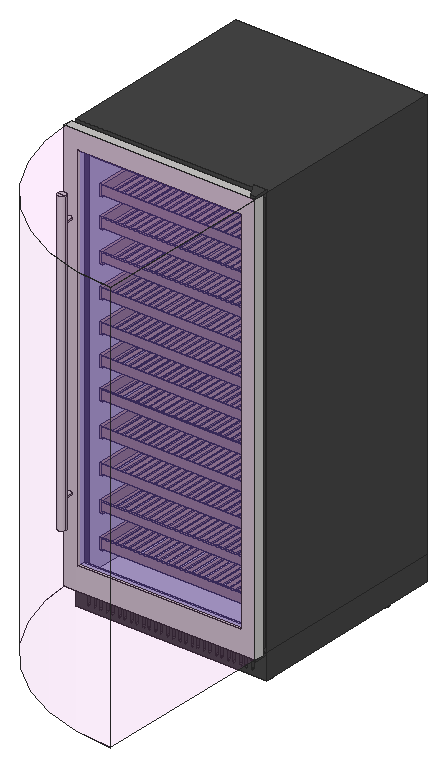
Revit family "QF_Summit_SWC1127B_Bottle_Wine_Cellar_For_Built_In", category Specialty Equipment, Revit 2020 (continued)
Definition of nested family "SWC1127B"
  Automatic sketch dimensions
    Extrusion 57 sketch curve to Extrusion 57 sketch curve = 0.07283"
    Extrusion 59 sketch curve to Extrusion 59 sketch curve = 1/2"
    Extrusion 59 sketch curve to Extrusion 59 sketch curve = 0.07283"
    Extrusion 60 sketch curve to Extrusion 60 sketch curve = 1/2"
    Extrusion 60 sketch curve to Extrusion 60 sketch curve = 0.07283"
    Extrusion 61 sketch curve to Extrusion 61 sketch curve = 1/2"
    Extrusion 61 sketch curve to Extrusion 61 sketch curve = 0.07283"
    Extrusion 62 sketch curve to Extrusion 62 sketch curve = 1/2"
    Extrusion 62 sketch curve to Extrusion 62 sketch curve = 0.07283"
    Extrusion 63 sketch curve to Extrusion 63 sketch curve = 1/2"
    Extrusion 63 sketch curve to Extrusion 63 sketch curve = 0.07283"
    Extrusion 64 sketch curve to Extrusion 64 sketch curve = 1/2"
    Extrusion 64 sketch curve to Extrusion 64 sketch curve = 0.07283"
    Extrusion 65 sketch curve to Extrusion 65 sketch curve = 1/2"
    Extrusion 65 sketch curve to Extrusion 65 sketch curve = 0.07283"
    Extrusion 58 sketch curve to Extrusion 58 sketch curve = 1/2"
    Extrusion 58 sketch curve to Extrusion 58 sketch curve = 0.07283"
    Extrusion 66 sketch curve to Extrusion 66 sketch curve = 1/2"
    Extrusion 66 sketch curve to Extrusion 66 sketch curve = 0.07283"
    Extrusion 67 sketch curve to Extrusion 67 sketch curve = 1/2"
    Extrusion 67 sketch curve to Extrusion 67 sketch curve = 0.07283"
    Extrusion 69 sketch curve to Extrusion 69 sketch curve = 1/2"
    Extrusion 69 sketch curve to Extrusion 69 sketch curve = 0.07283"
    Extrusion 70 sketch curve to Extrusion 70 sketch curve = 1/2"
    Extrusion 70 sketch curve to Extrusion 70 sketch curve = 0.07283"
    Extrusion 71 sketch curve to Extrusion 71 sketch curve = 1/2"
    Extrusion 71 sketch curve to Extrusion 71 sketch curve = 0.07283"
    Extrusion 72 sketch curve to Extrusion 72 sketch curve = 1/2"
    Extrusion 72 sketch curve to Extrusion 72 sketch curve = 0.07283"
    Extrusion 73 sketch curve to Extrusion 73 sketch curve = 1/2"
    Extrusion 73 sketch curve to Extrusion 73 sketch curve = 0.07283"
    Extrusion 74 sketch curve to Extrusion 74 sketch curve = 1/2"
    Extrusion 74 sketch curve to Extrusion 74 sketch curve = 0.07283"
    Extrusion 75 sketch curve to Extrusion 75 sketch curve = 1/2"
    Extrusion 75 sketch curve to Extrusion 75 sketch curve = 0.07283"
    Extrusion 68 sketch curve to Extrusion 68 sketch curve = 1/2"
    Extrusion 68 sketch curve to Extrusion 68 sketch curve = 0.07283"
    Extrusion 76 sketch curve to Extrusion 76 sketch curve = 1/2"
    Extrusion 76 sketch curve to Extrusion 76 sketch curve = 0.07283"
    Extrusion 77 sketch curve to Extrusion 77 sketch curve = 1/2"
    Extrusion 77 sketch curve to Extrusion 77 sketch curve = 0.07283"
    Extrusion 79 sketch curve to Extrusion 79 sketch curve = 1/2"
    Extrusion 79 sketch curve to Extrusion 79 sketch curve = 0.07283"
    Extrusion 80 sketch curve to Extrusion 80 sketch curve = 1/2"
    Extrusion 80 sketch curve to Extrusion 80 sketch curve = 0.07283"
    Extrusion 81 sketch curve to Extrusion 81 sketch curve = 1/2"
    Extrusion 81 sketch curve to Extrusion 81 sketch curve = 0.07283"
    Extrusion 82 sketch curve to Extrusion 82 sketch curve = 1/2"
    Extrusion 82 sketch curve to Extrusion 82 sketch curve = 0.07283"
    Extrusion 83 sketch curve to Extrusion 83 sketch curve = 1/2"
    Extrusion 83 sketch curve to Extrusion 83 sketch curve = 0.07283"
    Extrusion 84 sketch curve to Extrusion 84 sketch curve = 1/2"
    Extrusion 84 sketch curve to Extrusion 84 sketch curve = 0.07283"
    Extrusion 85 sketch curve to Extrusion 85 sketch curve = 1/2"
    Extrusion 85 sketch curve to Extrusion 85 sketch curve = 0.07283"
    Extrusion 78 sketch curve to Extrusion 78 sketch curve = 1/2"
    Extrusion 78 sketch curve to Extrusion 78 sketch curve = 0.07283"
    Extrusion 86 sketch curve to Extrusion 86 sketch curve = 1/2"
    Extrusion 86 sketch curve to Extrusion 86 sketch curve = 0.07283"
    Extrusion 87 sketch curve to Extrusion 87 sketch curve = 1/2"
    Extrusion 87 sketch curve to Extrusion 87 sketch curve = 0.07283"
    Extrusion 89 sketch curve to Extrusion 89 sketch curve = 1/2"
    Extrusion 89 sketch curve to Extrusion 89 sketch curve = 0.07283"
    Extrusion 90 sketch curve to Extrusion 90 sketch curve = 1/2"
    Extrusion 90 sketch curve to Extrusion 90 sketch curve = 0.07283"
    Extrusion 91 sketch curve to Extrusion 91 sketch curve = 1/2"
    Extrusion 91 sketch curve to Extrusion 91 sketch curve = 0.07283"
    Extrusion 92 sketch curve to Extrusion 92 sketch curve = 1/2"
    Extrusion 92 sketch curve to Extrusion 92 sketch curve = 0.07283"
    Extrusion 93 sketch curve to Extrusion 93 sketch curve = 1/2"
    Extrusion 93 sketch curve to Extrusion 93 sketch curve = 0.07283"
    Extrusion 94 sketch curve to Extrusion 94 sketch curve = 1/2"
    Extrusion 94 sketch curve to Extrusion 94 sketch curve = 0.07283"
    Extrusion 95 sketch curve to Extrusion 95 sketch curve = 1/2"
    Extrusion 95 sketch curve to Extrusion 95 sketch curve = 0.07283"
    Extrusion 88 sketch curve to Extrusion 88 sketch curve = 1/2"
    Extrusion 88 sketch curve to Extrusion 88 sketch curve = 0.07283"
    Extrusion 96 sketch curve to Extrusion 96 sketch curve = 1/2"
    Extrusion 96 sketch curve to Extrusion 96 sketch curve = 0.07283"
    Extrusion 97 sketch curve to Extrusion 97 sketch curve = 1/2"
    Extrusion 97 sketch curve to Extrusion 97 sketch curve = 0.07283"
    Extrusion 99 sketch curve to Extrusion 99 sketch curve = 1/2"
    Extrusion 99 sketch curve to Extrusion 99 sketch curve = 0.07283"
    Extrusion 100 sketch curve to Extrusion 100 sketch curve = 1/2"
    Extrusion 100 sketch curve to Extrusion 100 sketch curve = 0.07283"
    Extrusion 101 sketch curve to Extrusion 101 sketch curve = 1/2"
    Extrusion 101 sketch curve to Extrusion 101 sketch curve = 0.07283"
    Extrusion 102 sketch curve to Extrusion 102 sketch curve = 1/2"
    Extrusion 102 sketch curve to Extrusion 102 sketch curve = 0.07283"
    Extrusion 103 sketch curve to Extrusion 103 sketch curve = 1/2"
    Extrusion 103 sketch curve to Extrusion 103 sketch curve = 0.07283"
    Extrusion 104 sketch curve to Extrusion 104 sketch curve = 1/2"
    Extrusion 104 sketch curve to Extrusion 104 sketch curve = 0.07283"
    Extrusion 105 sketch curve to Extrusion 105 sketch curve = 1/2"
    Extrusion 105 sketch curve to Extrusion 105 sketch curve = 0.07283"
    Extrusion 98 sketch curve to Extrusion 98 sketch curve = 1/2"
    Extrusion 98 sketch curve to Extrusion 98 sketch curve = 0.07283"
    Extrusion 106 sketch curve to Extrusion 106 sketch curve = 1/2"
    Extrusion 106 sketch curve to Extrusion 106 sketch curve = 0.07283"
    Extrusion 107 sketch curve to Extrusion 107 sketch curve = 1/2"
    Extrusion 107 sketch curve to Extrusion 107 sketch curve = 0.07283"
    Extrusion 109 sketch curve to Extrusion 109 sketch curve = 1/2"
    Extrusion 109 sketch curve to Extrusion 109 sketch curve = 0.07283"
    Extrusion 110 sketch curve to Extrusion 110 sketch curve = 1/2"
    Extrusion 110 sketch curve to Extrusion 110 sketch curve = 0.07283"
    Extrusion 111 sketch curve to Extrusion 111 sketch curve = 1/2"
    Extrusion 111 sketch curve to Extrusion 111 sketch curve = 0.07283"
    Extrusion 112 sketch curve to Extrusion 112 sketch curve = 1/2"
    Extrusion 112 sketch curve to Extrusion 112 sketch curve = 0.07283"
    Extrusion 113 sketch curve to Extrusion 113 sketch curve = 1/2"
    Extrusion 113 sketch curve to Extrusion 113 sketch curve = 0.07283"
    Extrusion 114 sketch curve to Extrusion 114 sketch curve = 1/2"
    Extrusion 114 sketch curve to Extrusion 114 sketch curve = 0.07283"
    Extrusion 115 sketch curve to Extrusion 115 sketch curve = 1/2"
    Extrusion 115 sketch curve to Extrusion 115 sketch curve = 0.07283"
    Extrusion 108 sketch curve to Extrusion 108 sketch curve = 1/2"
    Extrusion 108 sketch curve to Extrusion 108 sketch curve = 0.07283"
    Extrusion 116 sketch curve to Extrusion 116 sketch curve = 1/2"
    Extrusion 116 sketch curve to Extrusion 116 sketch curve = 0.07283"
    Extrusion 117 sketch curve to Extrusion 117 sketch curve = 1/2"
    Extrusion 117 sketch curve to Extrusion 117 sketch curve = 0.07283"
    Extrusion 119 sketch curve to Extrusion 119 sketch curve = 1/2"
    Extrusion 119 sketch curve to Extrusion 119 sketch curve = 0.07283"
    Extrusion 120 sketch curve to Extrusion 120 sketch curve = 1/2"
    Extrusion 120 sketch curve to Extrusion 120 sketch curve = 0.07283"
    Extrusion 121 sketch curve to Extrusion 121 sketch curve = 1/2"
    Extrusion 121 sketch curve to Extrusion 121 sketch curve = 0.07283"
    Extrusion 122 sketch curve to Extrusion 122 sketch curve = 1/2"
    Extrusion 122 sketch curve to Extrusion 122 sketch curve = 0.07283"
    Extrusion 123 sketch curve to Extrusion 123 sketch curve = 1/2"
    Extrusion 123 sketch curve to Extrusion 123 sketch curve = 0.07283"
    Extrusion 124 sketch curve to Extrusion 124 sketch curve = 1/2"
    Extrusion 124 sketch curve to Extrusion 124 sketch curve = 0.07283"
    Extrusion 125 sketch curve to Extrusion 125 sketch curve = 1/2"
    Extrusion 125 sketch curve to Extrusion 125 sketch curve = 0.07283"
    Extrusion 118 sketch curve to Extrusion 118 sketch curve = 1/2"
    Extrusion 118 sketch curve to Extrusion 118 sketch curve = 0.07283"
    Extrusion 126 sketch curve to Extrusion 126 sketch curve = 1/2"
    Extrusion 126 sketch curve to Extrusion 126 sketch curve = 0.07283"
    Extrusion 127 sketch curve to Extrusion 127 sketch curve = 1/2"
    Extrusion 127 sketch curve to Extrusion 127 sketch curve = 0.07283"
    Extrusion 129 sketch curve to Extrusion 129 sketch curve = 1/2"
    Extrusion 129 sketch curve to Extrusion 129 sketch curve = 0.07283"
    Extrusion 130 sketch curve to Extrusion 130 sketch curve = 1/2"
    Extrusion 130 sketch curve to Extrusion 130 sketch curve = 0.07283"
    Extrusion 131 sketch curve to Extrusion 131 sketch curve = 1/2"
    Extrusion 131 sketch curve to Extrusion 131 sketch curve = 0.07283"
    Extrusion 132 sketch curve to Extrusion 132 sketch curve = 1/2"
    Extrusion 132 sketch curve to Extrusion 132 sketch curve = 0.07283"
    Extrusion 133 sketch curve to Extrusion 133 sketch curve = 1/2"
    Extrusion 133 sketch curve to Extrusion 133 sketch curve = 0.07283"
    Extrusion 134 sketch curve to Extrusion 134 sketch curve = 1/2"
    Extrusion 134 sketch curve to Extrusion 134 sketch curve = 0.07283"
    Extrusion 135 sketch curve to Extrusion 135 sketch curve = 1/2"
    Extrusion 135 sketch curve to Extrusion 135 sketch curve = 0.07283"
    Extrusion 128 sketch curve to Extrusion 128 sketch curve = 1/2"
    Extrusion 128 sketch curve to Extrusion 128 sketch curve = 0.07283"
    Extrusion 136 sketch curve to Extrusion 136 sketch curve = 1/2"
    Extrusion 136 sketch curve to Extrusion 136 sketch curve = 0.07283"
    Extrusion 137 sketch curve to Extrusion 137 sketch curve = 1/2"
    Extrusion 137 sketch curve to Extrusion 137 sketch curve = 0.07283"
    Extrusion 139 sketch curve to Extrusion 139 sketch curve = 1/2"
    Extrusion 139 sketch curve to Extrusion 139 sketch curve = 0.07283"
    Extrusion 140 sketch curve to Extrusion 140 sketch curve = 1/2"
    Extrusion 140 sketch curve to Extrusion 140 sketch curve = 0.07283"
    Extrusion 141 sketch curve to Extrusion 141 sketch curve = 1/2"
    Extrusion 141 sketch curve to Extrusion 141 sketch curve = 0.07283"
    Extrusion 142 sketch curve to Extrusion 142 sketch curve = 1/2"
    Extrusion 142 sketch curve to Extrusion 142 sketch curve = 0.07283"
    Extrusion 143 sketch curve to Extrusion 143 sketch curve = 1/2"
    Extrusion 143 sketch curve to Extrusion 143 sketch curve = 0.07283"
    Extrusion 144 sketch curve to Extrusion 144 sketch curve = 1/2"
    Extrusion 144 sketch curve to Extrusion 144 sketch curve = 0.07283"
    Extrusion 145 sketch curve to Extrusion 145 sketch curve = 1/2"
    Extrusion 145 sketch curve to Extrusion 145 sketch curve = 0.07283"
    Extrusion 138 sketch curve to Extrusion 138 sketch curve = 1/2"
    Extrusion 138 sketch curve to Extrusion 138 sketch curve = 0.07283"
    Extrusion 146 sketch curve to Extrusion 146 sketch curve = 1/2"
    Extrusion 146 sketch curve to Extrusion 146 sketch curve = 0.07283"
    Extrusion 147 sketch curve to Extrusion 147 sketch curve = 1/2"
    Extrusion 147 sketch curve to Extrusion 147 sketch curve = 0.07283"
    Extrusion 149 sketch curve to Extrusion 149 sketch curve = 1/2"
    Extrusion 149 sketch curve to Extrusion 149 sketch curve = 0.07283"
    Extrusion 150 sketch curve to Extrusion 150 sketch curve = 1/2"
    Extrusion 150 sketch curve to Extrusion 150 sketch curve = 0.07283"
    Extrusion 151 sketch curve to Extrusion 151 sketch curve = 1/2"
    Extrusion 151 sketch curve to Extrusion 151 sketch curve = 0.07283"
    Extrusion 152 sketch curve to Extrusion 152 sketch curve = 1/2"
    Extrusion 152 sketch curve to Extrusion 152 sketch curve = 0.07283"
    Extrusion 153 sketch curve to Extrusion 153 sketch curve = 1/2"
    Extrusion 153 sketch curve to Extrusion 153 sketch curve = 0.07283"
    Extrusion 154 sketch curve to Extrusion 154 sketch curve = 1/2"
    Extrusion 154 sketch curve to Extrusion 154 sketch curve = 0.07283"
    Extrusion 155 sketch curve to Extrusion 155 sketch curve = 1/2"
    Extrusion 155 sketch curve to Extrusion 155 sketch curve = 0.07283"
    Extrusion 148 sketch curve to Extrusion 148 sketch curve = 1/2"
    Extrusion 148 sketch curve to Extrusion 148 sketch curve = 0.07283"
    Extrusion 156 sketch curve to Extrusion 156 sketch curve = 1/2"
    Extrusion 156 sketch curve to Extrusion 156 sketch curve = 0.07283"
    Extrusion 157 sketch curve to Extrusion 157 sketch curve = 1/2"
    Extrusion 157 sketch curve to Extrusion 157 sketch curve = 0.07283"
    Extrusion 159 sketch curve to Extrusion 159 sketch curve = 1/2"
    Extrusion 159 sketch curve to Extrusion 159 sketch curve = 0.07283"
    Extrusion 160 sketch curve to Extrusion 160 sketch curve = 1/2"
    Extrusion 160 sketch curve to Extrusion 160 sketch curve = 0.07283"
    Extrusion 161 sketch curve to Extrusion 161 sketch curve = 1/2"
    Extrusion 161 sketch curve to Extrusion 161 sketch curve = 0.07283"
    Extrusion 162 sketch curve to Extrusion 162 sketch curve = 1/2"
    Extrusion 162 sketch curve to Extrusion 162 sketch curve = 0.07283"
    Extrusion 163 sketch curve to Extrusion 163 sketch curve = 1/2"
    Extrusion 163 sketch curve to Extrusion 163 sketch curve = 0.07283"
    Extrusion 164 sketch curve to Extrusion 164 sketch curve = 1/2"
    Extrusion 164 sketch curve to Extrusion 164 sketch curve = 0.07283"
    Extrusion 165 sketch curve to Extrusion 165 sketch curve = 1/2"
    Extrusion 165 sketch curve to Extrusion 165 sketch curve = 0.07283"
    Extrusion 158 sketch curve to Extrusion 158 sketch curve = 1/2"
    Extrusion 158 sketch curve to Extrusion 158 sketch curve = 0.07283"
    Extrusion 166 sketch curve to Extrusion 166 sketch curve = 1/2"
    Extrusion 166 sketch curve to Extrusion 166 sketch curve = 0.07283"
    Extrusion 167 sketch curve to Extrusion 167 sketch curve = 1/2"
    Extrusion 167 sketch curve to Extrusion 167 sketch curve = 0.07283"
    Extrusion 169 sketch curve to Extrusion 169 sketch curve = 1/2"
    Extrusion 169 sketch curve to Extrusion 169 sketch curve = 0.07283"
    Extrusion 170 sketch curve to Extrusion 170 sketch curve = 1/2"
    Extrusion 170 sketch curve to Extrusion 170 sketch curve = 0.07283"
    Extrusion 171 sketch curve to Extrusion 171 sketch curve = 1/2"
    Extrusion 171 sketch curve to Extrusion 171 sketch curve = 0.07283"
    Extrusion 172 sketch curve to Extrusion 172 sketch curve = 1/2"
    Extrusion 172 sketch curve to Extrusion 172 sketch curve = 0.07283"
    Extrusion 173 sketch curve to Extrusion 173 sketch curve = 1/2"
    Extrusion 173 sketch curve to Extrusion 173 sketch curve = 0.07283"
    Extrusion 174 sketch curve to Extrusion 174 sketch curve = 1/2"
    Extrusion 174 sketch curve to Extrusion 174 sketch curve = 0.07283"
    Extrusion 175 sketch curve to Extrusion 175 sketch curve = 1/2"
    Extrusion 175 sketch curve to Extrusion 175 sketch curve = 0.07283"
    Extrusion 168 sketch curve to Extrusion 168 sketch curve = 1/2"
    Extrusion 168 sketch curve to Extrusion 168 sketch curve = 0.07283"
    Extrusion 176 sketch curve to Extrusion 176 sketch curve = 1/2"
    Extrusion 176 sketch curve to Extrusion 176 sketch curve = 0.07283"
    Extrusion 177 sketch curve to Extrusion 177 sketch curve = 1/2"
    Extrusion 177 sketch curve to Extrusion 177 sketch curve = 0.07283"
    Extrusion 179 sketch curve to Extrusion 179 sketch curve = 1/2"
    Extrusion 179 sketch curve to Extrusion 179 sketch curve = 0.07283"
    Extrusion 180 sketch curve to Extrusion 180 sketch curve = 1/2"
    Extrusion 180 sketch curve to Extrusion 180 sketch curve = 0.07283"
    Extrusion 181 sketch curve to Extrusion 181 sketch curve = 1/2"
    Extrusion 181 sketch curve to Extrusion 181 sketch curve = 0.07283"
    Extrusion 182 sketch curve to Extrusion 182 sketch curve = 1/2"
    Extrusion 182 sketch curve to Extrusion 182 sketch curve = 0.07283"
    Extrusion 183 sketch curve to Extrusion 183 sketch curve = 1/2"
    Extrusion 183 sketch curve to Extrusion 183 sketch curve = 0.07283"
    Extrusion 184 sketch curve to Extrusion 184 sketch curve = 1/2"
    Extrusion 184 sketch curve to Extrusion 184 sketch curve = 0.07283"
    Extrusion 185 sketch curve to Extrusion 185 sketch curve = 1/2"
    Extrusion 185 sketch curve to Extrusion 185 sketch curve = 0.07283"
    Extrusion 178 sketch curve to Extrusion 178 sketch curve = 1/2"
    Extrusion 178 sketch curve to Extrusion 178 sketch curve = 0.07283"
    Extrusion 186 sketch curve to Extrusion 186 sketch curve = 1/2"
    Extrusion 186 sketch curve to Extrusion 186 sketch curve = 0.07283"
    Extrusion 187 sketch curve to Extrusion 187 sketch curve = 1/2"
    Extrusion 187 sketch curve to Extrusion 187 sketch curve = 0.07283"
    Extrusion 189 sketch curve to Extrusion 189 sketch curve = 1/2"
    Extrusion 189 sketch curve to Extrusion 189 sketch curve = 0.07283"
    Extrusion 190 sketch curve to Extrusion 190 sketch curve = 1/2"
    Extrusion 190 sketch curve to Extrusion 190 sketch curve = 0.07283"
    Extrusion 191 sketch curve to Extrusion 191 sketch curve = 1/2"
    Extrusion 191 sketch curve to Extrusion 191 sketch curve = 0.07283"
    Extrusion 192 sketch curve to Extrusion 192 sketch curve = 1/2"
    Extrusion 192 sketch curve to Extrusion 192 sketch curve = 0.07283"
    Extrusion 193 sketch curve to Extrusion 193 sketch curve = 1/2"
    Extrusion 193 sketch curve to Extrusion 193 sketch curve = 0.07283"
    Extrusion 194 sketch curve to Extrusion 194 sketch curve = 1/2"
    Extrusion 194 sketch curve to Extrusion 194 sketch curve = 0.07283"
    Extrusion 195 sketch curve to Extrusion 195 sketch curve = 1/2"
    Extrusion 195 sketch curve to Extrusion 195 sketch curve = 0.07283"
    Extrusion 188 sketch curve to Extrusion 188 sketch curve = 1/2"
    Extrusion 188 sketch curve to Extrusion 188 sketch curve = 0.07283"
    Extrusion 196 sketch curve to Extrusion 196 sketch curve = 1/2"
    Extrusion 196 sketch curve to Extrusion 196 sketch curve = 0.07283"
    Extrusion 197 sketch curve to Extrusion 197 sketch curve = 1/2"
    Extrusion 197 sketch curve to Extrusion 197 sketch curve = 0.07283"
    Extrusion 199 sketch curve to Extrusion 199 sketch curve = 1/2"
    Extrusion 199 sketch curve to Extrusion 199 sketch curve = 0.07283"
    Extrusion 200 sketch curve to Extrusion 200 sketch curve = 1/2"
    Extrusion 200 sketch curve to Extrusion 200 sketch curve = 0.07283"
    Extrusion 201 sketch curve to Extrusion 201 sketch curve = 1/2"
    Extrusion 201 sketch curve to Extrusion 201 sketch curve = 0.07283"
    Extrusion 202 sketch curve to Extrusion 202 sketch curve = 1/2"
    Extrusion 202 sketch curve to Extrusion 202 sketch curve = 0.07283"
    Extrusion 203 sketch curve to Extrusion 203 sketch curve = 1/2"
    Extrusion 203 sketch curve to Extrusion 203 sketch curve = 0.07283"
    Extrusion 204 sketch curve to Extrusion 204 sketch curve = 1/2"
    Extrusion 204 sketch curve to Extrusion 204 sketch curve = 0.07283"
    Extrusion 205 sketch curve to Extrusion 205 sketch curve = 1/2"
    Extrusion 205 sketch curve to Extrusion 205 sketch curve = 0.07283"
    Extrusion 198 sketch curve to Extrusion 198 sketch curve = 1/2"
    Extrusion 198 sketch curve to Extrusion 198 sketch curve = 0.07283"
    Extrusion 206 sketch curve to Extrusion 206 sketch curve = 1/2"
    Extrusion 206 sketch curve to Extrusion 206 sketch curve = 0.07283"
    Extrusion 207 sketch curve to Extrusion 207 sketch curve = 1/2"
    Extrusion 207 sketch curve to Extrusion 207 sketch curve = 0.07283"
    Extrusion 209 sketch curve to Extrusion 209 sketch curve = 1/2"
    Extrusion 209 sketch curve to Extrusion 209 sketch curve = 0.07283"
    Extrusion 210 sketch curve to Extrusion 210 sketch curve = 1/2"
    Extrusion 210 sketch curve to Extrusion 210 sketch curve = 0.07283"
    Extrusion 211 sketch curve to Extrusion 211 sketch curve = 1/2"
    Extrusion 211 sketch curve to Extrusion 211 sketch curve = 0.07283"
    Extrusion 212 sketch curve to Extrusion 212 sketch curve = 1/2"
    Extrusion 212 sketch curve to Extrusion 212 sketch curve = 0.07283"
    Extrusion 213 sketch curve to Extrusion 213 sketch curve = 1/2"
    Extrusion 213 sketch curve to Extrusion 213 sketch curve = 0.07283"
    Extrusion 214 sketch curve to Extrusion 214 sketch curve = 1/2"
    Extrusion 214 sketch curve to Extrusion 214 sketch curve = 0.07283"
    Extrusion 215 sketch curve to Extrusion 215 sketch curve = 1/2"
    Extrusion 215 sketch curve to Extrusion 215 sketch curve = 0.07283"
    Extrusion 208 sketch curve to Extrusion 208 sketch curve = 1/2"
    Extrusion 208 sketch curve to Extrusion 208 sketch curve = 0.07283"
    Extrusion 216 sketch curve to Extrusion 216 sketch curve = 1/2"
    Extrusion 216 sketch curve to Extrusion 216 sketch curve = 0.07283"
    Extrusion 217 sketch curve to Extrusion 217 sketch curve = 1/2"
    Extrusion 217 sketch curve to Extrusion 217 sketch curve = 0.07283"
    Extrusion 219 sketch curve to Extrusion 219 sketch curve = 1/2"
    Extrusion 219 sketch curve to Extrusion 219 sketch curve = 0.07283"
    Extrusion 220 sketch curve to Extrusion 220 sketch curve = 1/2"
    Extrusion 220 sketch curve to Extrusion 220 sketch curve = 0.07283"
    Extrusion 221 sketch curve to Extrusion 221 sketch curve = 1/2"
    Extrusion 221 sketch curve to Extrusion 221 sketch curve = 0.07283"
    Extrusion 222 sketch curve to Extrusion 222 sketch curve = 1/2"
    Extrusion 222 sketch curve to Extrusion 222 sketch curve = 0.07283"
    Extrusion 223 sketch curve to Extrusion 223 sketch curve = 1/2"
    Extrusion 223 sketch curve to Extrusion 223 sketch curve = 0.07283"
    Extrusion 224 sketch curve to Extrusion 224 sketch curve = 1/2"
    Extrusion 224 sketch curve to Extrusion 224 sketch curve = 0.07283"
    Extrusion 225 sketch curve to Extrusion 225 sketch curve = 1/2"
    Extrusion 225 sketch curve to Extrusion 225 sketch curve = 0.07283"
    Extrusion 218 sketch curve to Extrusion 218 sketch curve = 1/2"
    Extrusion 218 sketch curve to Extrusion 218 sketch curve = 0.07283"
    Extrusion 226 sketch curve to Extrusion 226 sketch curve = 1/2"
    Extrusion 226 sketch curve to Extrusion 226 sketch curve = 0.07283"
    Extrusion 227 sketch curve to Extrusion 227 sketch curve = 1/2"
    Extrusion 227 sketch curve to Extrusion 227 sketch curve = 0.07283"
    Extrusion 229 sketch curve to Extrusion 229 sketch curve = 1/2"
    Extrusion 229 sketch curve to Extrusion 229 sketch curve = 0.07283"
    Extrusion 230 sketch curve to Extrusion 230 sketch curve = 1/2"
    Extrusion 230 sketch curve to Extrusion 230 sketch curve = 0.07283"
    Extrusion 231 sketch curve to Extrusion 231 sketch curve = 1/2"
    Extrusion 231 sketch curve to Extrusion 231 sketch curve = 0.07283"
    Extrusion 232 sketch curve to Extrusion 232 sketch curve = 1/2"
    Extrusion 232 sketch curve to Extrusion 232 sketch curve = 0.07283"
    Extrusion 233 sketch curve to Extrusion 233 sketch curve = 1/2"
    Extrusion 233 sketch curve to Extrusion 233 sketch curve = 0.07283"
    Extrusion 234 sketch curve to Extrusion 234 sketch curve = 1/2"
    Extrusion 234 sketch curve to Extrusion 234 sketch curve = 0.07283"
    Extrusion 235 sketch curve to Extrusion 235 sketch curve = 1/2"
    Extrusion 235 sketch curve to Extrusion 235 sketch curve = 0.07283"
    Extrusion 228 sketch curve to Extrusion 228 sketch curve = 1/2"
    Extrusion 228 sketch curve to Extrusion 228 sketch curve = 0.07283"
    Extrusion 236 sketch curve to Extrusion 236 sketch curve = 1/2"
    Extrusion 236 sketch curve to Extrusion 236 sketch curve = 0.07283"
    Extrusion 237 sketch curve to Extrusion 237 sketch curve = 1/2"
    Extrusion 237 sketch curve to Extrusion 237 sketch curve = 0.07283"
    Extrusion 239 sketch curve to Extrusion 239 sketch curve = 1/2"
    Extrusion 239 sketch curve to Extrusion 239 sketch curve = 0.07283"
    Extrusion 240 sketch curve to Extrusion 240 sketch curve = 1/2"
    Extrusion 240 sketch curve to Extrusion 240 sketch curve = 0.07283"
    Extrusion 241 sketch curve to Extrusion 241 sketch curve = 1/2"
    Extrusion 241 sketch curve to Extrusion 241 sketch curve = 0.07283"
    Extrusion 242 sketch curve to Extrusion 242 sketch curve = 1/2"
    Extrusion 242 sketch curve to Extrusion 242 sketch curve = 0.07283"
    Extrusion 243 sketch curve to Extrusion 243 sketch curve = 1/2"
    Extrusion 243 sketch curve to Extrusion 243 sketch curve = 0.07283"
    Extrusion 244 sketch curve to Extrusion 244 sketch curve = 1/2"
    Extrusion 244 sketch curve to Extrusion 244 sketch curve = 0.07283"
    Extrusion 245 sketch curve to Extrusion 245 sketch curve = 1/2"
    Extrusion 245 sketch curve to Extrusion 245 sketch curve = 0.07283"
    Extrusion 238 sketch curve to Extrusion 238 sketch curve = 1/2"
    Extrusion 238 sketch curve to Extrusion 238 sketch curve = 0.07283"
    Extrusion 246 sketch curve to Extrusion 246 sketch curve = 1/2"
    Extrusion 246 sketch curve to Extrusion 246 sketch curve = 0.07283"
    Extrusion 247 sketch curve to Extrusion 247 sketch curve = 1/2"
    Extrusion 247 sketch curve to Extrusion 247 sketch curve = 0.07283"
    Extrusion 249 sketch curve to Extrusion 249 sketch curve = 1/2"
    Extrusion 249 sketch curve to Extrusion 249 sketch curve = 0.07283"
    Extrusion 250 sketch curve to Extrusion 250 sketch curve = 1/2"
    Extrusion 250 sketch curve to Extrusion 250 sketch curve = 0.07283"
    Extrusion 251 sketch curve to Extrusion 251 sketch curve = 1/2"
    Extrusion 251 sketch curve to Extrusion 251 sketch curve = 0.07283"
    Extrusion 252 sketch curve to Extrusion 252 sketch curve = 1/2"
    Extrusion 252 sketch curve to Extrusion 252 sketch curve = 0.07283"
    Extrusion 253 sketch curve to Extrusion 253 sketch curve = 1/2"
    Extrusion 253 sketch curve to Extrusion 253 sketch curve = 0.07283"
    Extrusion 254 sketch curve to Extrusion 254 sketch curve = 1/2"
    Extrusion 254 sketch curve to Extrusion 254 sketch curve = 0.07283"
    Extrusion 255 sketch curve to Extrusion 255 sketch curve = 1/2"
    Extrusion 255 sketch curve to Extrusion 255 sketch curve = 0.07283"
    Extrusion 248 sketch curve to Extrusion 248 sketch curve = 1/2"
    Extrusion 248 sketch curve to Extrusion 248 sketch curve = 0.07283"
    Extrusion 256 sketch curve to Extrusion 256 sketch curve = 1/2"
    Extrusion 256 sketch curve to Extrusion 256 sketch curve = 0.07283"
    Extrusion 257 sketch curve to Extrusion 257 sketch curve = 1/2"
    Extrusion 257 sketch curve to Extrusion 257 sketch curve = 0.07283"
    Extrusion 259 sketch curve to Extrusion 259 sketch curve = 1/2"
    Extrusion 259 sketch curve to Extrusion 259 sketch curve = 0.07283"
    Extrusion 260 sketch curve to Extrusion 260 sketch curve = 1/2"
    Extrusion 260 sketch curve to Extrusion 260 sketch curve = 0.07283"
    Extrusion 261 sketch curve to Extrusion 261 sketch curve = 1/2"
    Extrusion 261 sketch curve to Extrusion 261 sketch curve = 0.07283"
    Extrusion 262 sketch curve to Extrusion 262 sketch curve = 1/2"
    Extrusion 262 sketch curve to Extrusion 262 sketch curve = 0.07283"
    Extrusion 263 sketch curve to Extrusion 263 sketch curve = 1/2"
    Extrusion 263 sketch curve to Extrusion 263 sketch curve = 0.07283"
    Extrusion 264 sketch curve to Extrusion 264 sketch curve = 1/2"
    Extrusion 264 sketch curve to Extrusion 264 sketch curve = 0.07283"
    Extrusion 265 sketch curve to Extrusion 265 sketch curve = 1/2"
    Extrusion 265 sketch curve to Extrusion 265 sketch curve = 0.07283"
    Extrusion 258 sketch curve to Extrusion 258 sketch curve = 1/2"
    Extrusion 258 sketch curve to Extrusion 258 sketch curve = 0.07283"
    Extrusion 266 sketch curve to Extrusion 266 sketch curve = 1/2"
    Extrusion 266 sketch curve to Extrusion 266 sketch curve = 0.07283"
    Extrusion 267 sketch curve to Extrusion 267 sketch curve = 1/2"
    Extrusion 267 sketch curve to Extrusion 267 sketch curve = 0.07283"
    Extrusion 269 sketch curve to Extrusion 269 sketch curve = 1/2"
    Extrusion 269 sketch curve to Extrusion 269 sketch curve = 0.07283"
    Extrusion 270 sketch curve to Extrusion 270 sketch curve = 1/2"
    Extrusion 270 sketch curve to Extrusion 270 sketch curve = 0.07283"
    Extrusion 271 sketch curve to Extrusion 271 sketch curve = 1/2"
    Extrusion 271 sketch curve to Extrusion 271 sketch curve = 0.07283"
    Extrusion 272 sketch curve to Extrusion 272 sketch curve = 1/2"
    Extrusion 272 sketch curve to Extrusion 272 sketch curve = 0.07283"
    Extrusion 273 sketch curve to Extrusion 273 sketch curve = 1/2"
    Extrusion 273 sketch curve to Extrusion 273 sketch curve = 0.07283"
    Extrusion 274 sketch curve to Extrusion 274 sketch curve = 1/2"
    Extrusion 274 sketch curve to Extrusion 274 sketch curve = 0.07283"
    Extrusion 275 sketch curve to Extrusion 275 sketch curve = 1/2"
    Extrusion 275 sketch curve to Extrusion 275 sketch curve = 0.07283"
    Extrusion 268 sketch curve to Extrusion 268 sketch curve = 1/2"
    Extrusion 268 sketch curve to Extrusion 268 sketch curve = 0.07283"
    Extrusion 276 sketch curve to Extrusion 276 sketch curve = 1/2"
    Extrusion 276 sketch curve to Extrusion 276 sketch curve = 0.07283"
    Extrusion 277 sketch curve to Extrusion 277 sketch curve = 1/2"
    Extrusion 277 sketch curve to Extrusion 277 sketch curve = 0.07283"
    Extrusion 279 sketch curve to Extrusion 279 sketch curve = 1/2"
    Extrusion 279 sketch curve to Extrusion 279 sketch curve = 0.07283"
    Extrusion 280 sketch curve to Extrusion 280 sketch curve = 1/2"
    Extrusion 280 sketch curve to Extrusion 280 sketch curve = 0.07283"
    Extrusion 281 sketch curve to Extrusion 281 sketch curve = 1/2"
    Extrusion 281 sketch curve to Extrusion 281 sketch curve = 0.07283"
    Extrusion 282 sketch curve to Extrusion 282 sketch curve = 1/2"
    Extrusion 282 sketch curve to Extrusion 282 sketch curve = 0.07283"
    Extrusion 283 sketch curve to Extrusion 283 sketch curve = 1/2"
    Extrusion 283 sketch curve to Extrusion 283 sketch curve = 0.07283"
    Extrusion 284 sketch curve to Extrusion 284 sketch curve = 1/2"
    Extrusion 284 sketch curve to Extrusion 284 sketch curve = 0.07283"
    Extrusion 285 sketch curve to Extrusion 285 sketch curve = 1/2"
    Extrusion 285 sketch curve to Extrusion 285 sketch curve = 0.07283"
    Extrusion 278 sketch curve to Extrusion 278 sketch curve = 1/2"
    Extrusion 278 sketch curve to Extrusion 278 sketch curve = 0.07283"
    plane 1 "BACK" to Extrusion 1 sketch curve = 0"
    Extrusion 1 sketch curve to plane 4 "RIGHT" = 0"
    Extrusion 1 sketch curve to plane 3 "LEFT" = 0"
    Extrusion 1 sketch curve to plane 5 "FRONT" = 1 3/4"
    Extrusion 2 sketch curve to Extrusion 1 = 0"  (x4)
    Extrusion 3 sketch curve to Extrusion 2 = 0"  (x2)
    Extrusion 3 sketch curve to Extrusion 2 = 0.6051"
    Extrusion 3 sketch curve to Extrusion 3 sketch curve = 1.1449"
    plane 4 "RIGHT" to Extrusion 4 sketch curve = 0.14988"
    plane 3 "LEFT" to Extrusion 4 sketch curve = 0.19887"
    Extrusion 4 sketch curve to plane 5 "FRONT" = 1 3/4"
    Extrusion 4 sketch curve to Extrusion 4 sketch curve = 0.6051"
    plane 10 to Extrusion 5 sketch curve = 0"
    plane 4 "RIGHT" to Extrusion 5 sketch curve = 1 11/16"
    Extrusion 5 sketch curve to Extrusion 5 sketch curve = 1/2"
    plane 10 to Extrusion 5 sketch curve = 1/2"
    plane 3 "LEFT" to Extrusion 5 sketch curve = 2.17586"
    Extrusion 5 sketch curve to plane 5 "FRONT" = 1.1449"
    Extrusion 6 sketch curve to Extrusion 3 = 1.67586"
    Extrusion 3 to Extrusion 6 sketch curve = 1 11/16"
    Extrusion 6 sketch curve to Extrusion 3 = 2.12349"
    Extrusion 6 sketch curve to Extrusion 3 = 2.72271"
    plane 4 "RIGHT" to Extrusion 7 sketch curve = 1 11/16"  (x11)
    Extrusion 7 sketch curve to Extrusion 7 sketch curve = 1/2"  (x22)
    plane 3 "LEFT" to Extrusion 7 sketch curve = 2.17586"  (x11)
    level to Extrusion 7 sketch curve = 7.43035"  (x2)
    Extrusion 7 sketch curve to Extrusion 7 sketch curve = 1.39037"  (x22)
    Extrusion 7 sketch curve to Extrusion 7 sketch curve = 2.73463"  (x6)
    Extrusion 7 sketch curve to Extrusion 7 sketch curve = 2.73551"  (x2)
    Extrusion 7 sketch curve to Extrusion 7 sketch curve = 2.35963"  (x2)
    Extrusion 7 sketch curve to Extrusion 7 sketch curve = 2.26567"  (x2)
    Extrusion 7 sketch curve to Extrusion 7 sketch curve = 2.48551"  (x2)
    Extrusion 7 sketch curve to Extrusion 7 sketch curve = 2.54713"  (x2)
    Extrusion 7 sketch curve to Extrusion 7 sketch curve = 2.48463"  (x2)
    Extrusion 7 sketch curve to Extrusion 7 sketch curve = 2.20338"  (x2)
    Extrusion 8 sketch curve to Extrusion 5 = 0"
    Extrusion 8 sketch curve to Extrusion 5 = 1/2"
    Extrusion 8 sketch curve to Extrusion 8 sketch curve = 5 1/2"
    Extrusion 9 sketch curve to Extrusion 7 = 0"  (x12)
    Extrusion 7 to Extrusion 9 sketch curve = 0"  (x21)
    Extrusion 9 sketch curve to Extrusion 7 = 0.30039"  (x9)
    Extrusion 9 sketch curve to Extrusion 7 = 0.30881"  (x2)
    plane 3 "LEFT" to Extrusion 10 sketch curve = 2.17586"  (x11)
    plane 4 "RIGHT" to Extrusion 10 sketch curve = 2 3/16"  (x11)
    Extrusion 10 sketch curve to plane 6 "TOP" = 7.24025"
    Extrusion 10 sketch curve to Extrusion 10 sketch curve = 1.08156"  (x2)
    Extrusion 10 sketch curve to Extrusion 10 sketch curve = 2.51219"
    Extrusion 10 sketch curve to Extrusion 10 sketch curve = 1.08997"  (x9)
    Extrusion 10 sketch curve to Extrusion 10 sketch curve = 2.78503"
    Extrusion 10 sketch curve to Extrusion 10 sketch curve = 2.84753"
    Extrusion 10 sketch curve to Extrusion 10 sketch curve = 2.7859"
    Extrusion 10 sketch curve to Extrusion 10 sketch curve = 2.56606"
    Extrusion 10 sketch curve to Extrusion 10 sketch curve = 2.66003"
    Extrusion 10 sketch curve to Extrusion 10 sketch curve = 3.03503"  (x2)
    Extrusion 10 sketch curve to Extrusion 10 sketch curve = 3.0359"
    Extrusion 10 sketch curve to Extrusion 10 sketch curve = 3.04344"
    Extrusion 286 sketch curve to Extrusion 6 = 0"  (x2)
    Extrusion 6 to Extrusion 286 sketch curve = 0.32245"  (x2)
    Extrusion 287 sketch curve to Extrusion 1 = 1.51533"
    Extrusion 287 sketch curve to Extrusion 287 sketch curve = 0.1738"  (x28)
    Extrusion 287 sketch curve to Extrusion 287 sketch curve = 0.48346"  (x14)
    Extrusion 287 sketch curve to Extrusion 287 sketch curve = 0.32135"  (x13)
    Extrusion 287 sketch curve to Extrusion 1 = 0.74805"  (x2)
    Extrusion 287 sketch curve to Extrusion 287 sketch curve = 0"  (x53)
    Extrusion 287 sketch curve to Extrusion 1 = 0.75195"
    Extrusion 3 to Extrusion 288 sketch curve = 0.70653"  (x2)
    Extrusion 3 to Extrusion 288 sketch curve = 10.00278"
    Extrusion 3 to Extrusion 288 sketch curve = 10.49722"
    plane 3 "LEFT" to Revolve 289 sketch curve = 1.20653"
    Revolve 289 sketch curve to Revolve 289 sketch curve = 1/2"
    level to Revolve 289 sketch curve = 11 3/8"
    Revolve 289 sketch curve to plane 6 "TOP" = 6 7/8"
    Revolve 289 sketch curve to Revolve 289 sketch curve = 0"  (x2)
    Revolve 289 sketch curve to Revolve 289 sketch curve = 1"
    Extrusion 290 sketch curve to Extrusion 290 sketch curve = 0"  (x110)
    Extrusion 290 sketch curve to plane 7 "Center Y" = 0"
    Extrusion 290 sketch curve to plane 6 "TOP" = 6.05096"
    Extrusion 1 to Extrusion 291 sketch curve = 0.53785"
    Extrusion 291 sketch curve to Extrusion 1 = 2.99421"
    Extrusion 292 sketch curve to Extrusion 292 sketch curve = 1/8"  (x11)
    Extrusion 292 sketch curve to Extrusion 292 sketch curve = 3.47717"
    Extrusion 292 sketch curve to Extrusion 292 sketch curve = 3 3/4"
    Extrusion 292 sketch curve to Extrusion 292 sketch curve = 3 13/16"
    Extrusion 292 sketch curve to Extrusion 292 sketch curve = 3.75087"
    Extrusion 292 sketch curve to Extrusion 292 sketch curve = 3.53104"
    Extrusion 292 sketch curve to Extrusion 292 sketch curve = 3 5/8"
    Extrusion 292 sketch curve to Extrusion 7 = 3.03503"
    Extrusion 7 to Extrusion 292 sketch curve = 0.30039"
    Extrusion 292 sketch curve to Extrusion 7 = 3.82548"
    Extrusion 292 sketch curve to Extrusion 292 sketch curve = 3 7/8"
    Extrusion 7 to Extrusion 292 sketch curve = 6.17459"  (x3)
    Extrusion 292 sketch curve to Extrusion 292 sketch curve = 0"  (x8)
    Extrusion 292 sketch curve to Extrusion 292 sketch curve = 1"  (x11)
    Extrusion 2 to Extrusion 293 sketch curve = 0.518"
    Extrusion 293 sketch curve to Extrusion 2 = 1 11/16"
    Extrusion 2 to Extrusion 293 sketch curve = 1.67586"
    Extrusion 293 sketch curve to Extrusion 293 sketch curve = 3.107"
    Extrusion 294 sketch curve to Extrusion 293 = 1 1/8"
    Extrusion 294 sketch curve to Extrusion 293 = 8 11/16"
    Extrusion 294 sketch curve to Extrusion 294 sketch curve = 3"
    Extrusion 294 sketch curve to Extrusion 293 = 0.2363"
    Extrusion 295 sketch curve to Extrusion 293 = 0.76274"  (x6)
    Extrusion 295 sketch curve to Extrusion 293 = 4.92464"
    Extrusion 295 sketch curve to Extrusion 295 sketch curve = 1 1/2"  (x4)
    Extrusion 295 sketch curve to Extrusion 295 sketch curve = 4.62246"
    cut or joined group of Extrusion 3, Extrusion 6 to Split face 1 sketch curve = 0"  (x2)
    Split face 1 sketch curve to cut or joined group of Extrusion 3, Extrusion 6 = 0"  (x6)
    Split face 2 sketch curve to cut or joined group of Extrusion 3, Extrusion 6 = 0"  (x8)
    Extrusion 296 sketch curve to Extrusion 2 = 0.06852"
    Extrusion 296 sketch curve to Extrusion 296 sketch curve = 0.55515"
    Extrusion 296 sketch curve to Extrusion 2 = 0.162"
    Extrusion 296 sketch curve to Extrusion 296 sketch curve = 1.60666"
    Extrusion 2 to Extrusion 296 sketch curve = 1.588"
    plane 4 "RIGHT" to Extrusion 297 sketch curve = 0.06852"
    Extrusion 297 sketch curve to plane 5 "FRONT" = 0.162"
    Extrusion 297 sketch curve to plane 5 "FRONT" = 1.912"
    Extrusion 297 sketch curve to Extrusion 297 sketch curve = 0.55515"
    Extrusion 297 sketch curve to Extrusion 297 sketch curve = 1.60666"
    Extrusion 298 sketch curve to Extrusion 3 = 0.00003"
    Extrusion 3 to Extrusion 298 sketch curve = 0.00028"
    Extrusion 3 to Extrusion 298 sketch curve = 0.00072"
    Extrusion 298 sketch curve to Extrusion 3 = 22.2501"
    Revolve 299 sketch curve to level = 0"  (x2)
    plane 3 "LEFT" to Revolve 299 sketch curve = 2"
    Revolve 299 sketch curve to Revolve 299 sketch curve = 1/4"  (x4)
    level to Revolve 299 sketch curve = 0.64754"
    Revolve 299 sketch curve to Revolve 299 sketch curve = 0.35246"
    Revolve 299 sketch curve to Revolve 299 sketch curve = 0"
    Revolve 299 sketch curve to Revolve 299 sketch curve = 0.14754"
    Revolve 300 sketch curve to level = 0"  (x2)
    Revolve 300 sketch curve to plane 4 "RIGHT" = 2"
    Revolve 300 sketch curve to Revolve 300 sketch curve = 1/4"  (x4)
    Revolve 300 sketch curve to level = 0.64754"
    Revolve 300 sketch curve to Revolve 300 sketch curve = 0.35246"
    Revolve 300 sketch curve to Revolve 300 sketch curve = 0"
    Revolve 300 sketch curve to Revolve 300 sketch curve = 0.14754"
    Revolve 301 sketch curve to level = 0"  (x2)
    plane 3 "LEFT" to Revolve 301 sketch curve = 2"
    Revolve 301 sketch curve to Revolve 301 sketch curve = 1/4"  (x4)
    level to Revolve 301 sketch curve = 0.64754"
    Revolve 301 sketch curve to Revolve 301 sketch curve = 0.35246"
    Revolve 301 sketch curve to Revolve 301 sketch curve = 0"
    Revolve 301 sketch curve to Revolve 301 sketch curve = 0.14754"
    Revolve 302 sketch curve to level = 0"  (x2)
    plane 4 "RIGHT" to Revolve 302 sketch curve = 2"
    Revolve 302 sketch curve to Revolve 302 sketch curve = 1/4"  (x4)
    Revolve 302 sketch curve to Revolve 302 sketch curve = 0.64754"
    Revolve 302 sketch curve to Revolve 302 sketch curve = 0.35246"
    Revolve 302 sketch curve to Revolve 302 sketch curve = 0"
    Revolve 302 sketch curve to Revolve 302 sketch curve = 0.14754"
    Extrusion 303 sketch curve to Extrusion 3 = 0.70725"  (x2)
    Extrusion 3 to Extrusion 303 sketch curve = 10.49722"
    Extrusion 3 to Extrusion 303 sketch curve = 10.00278"
    plane 4 "RIGHT" to Revolve 304 sketch curve = 1.20725"
    Revolve 304 sketch curve to Revolve 304 sketch curve = 1/2"
    Revolve 304 sketch curve to plane 6 "TOP" = 6 7/8"
    level to Revolve 304 sketch curve = 11 3/8"
    Revolve 304 sketch curve to Revolve 304 sketch curve = 0"  (x2)
    Revolve 304 sketch curve to Revolve 304 sketch curve = 1"
    Extrusion 305 sketch curve to Extrusion 3 = 0"
    Extrusion 305 sketch curve to Extrusion 3 = 0.00003"
    Extrusion 3 to Extrusion 305 sketch curve = 0.001"
    Extrusion 305 sketch curve to Extrusion 3 = 22.2501"
    Extrusion 306 sketch curve to Extrusion 2 = 0.06852"
    Extrusion 306 sketch curve to Extrusion 306 sketch curve = 0.55515"
    Extrusion 306 sketch curve to Extrusion 2 = 0.162"
    Extrusion 306 sketch curve to Extrusion 306 sketch curve = 1.60666"
    Extrusion 2 to Extrusion 306 sketch curve = 1.588"
    curve 18 to curve 19 = 0"  (x2)
    curve 36 to curve 37 = 0"  (x2)
    plane 5 "FRONT" to curve 29 = 0"
    curve 38 to plane 3 "LEFT" = 0"
    curve 2 to plane 3 "LEFT" = 0"
    curve 41 to plane 3 "LEFT" = 0"
    plane 5 "FRONT" to curve 16 = 0"
    plane 1 "BACK" to curve 4 = 0"
    curve 4 to plane 4 "RIGHT" = 0"
    curve 11 to plane 4 "RIGHT" = 0"
    curve 29 to plane 3 "LEFT" = 0.00072"
    plane 3 "LEFT" to curve 26 = 0.0678"
    curve 26 to plane 5 "FRONT" = 0.162"
    curve 25 to curve 26 = 0.55515"
    plane 3 "LEFT" to curve 18 = 0.70653"
    curve 24 to curve 24 = 1.60666"
    plane 3 "LEFT" to curve 21 = 3.26772"
    plane 4 "RIGHT" to curve 39 = 3.26844"
    plane 4 "RIGHT" to curve 6 = 1.67518"
    plane 4 "RIGHT" to curve 36 = 0.70725"
    curve 8 to plane 5 "FRONT" = 0.162"
    plane 4 "RIGHT" to curve 8 = 0.62367"
    plane 4 "RIGHT" to curve 8 = 0.06852"
    plane 4 "RIGHT" to curve 30 = 0.00072"
    plane 4 "RIGHT" to curve 20 = 0.00072"
    plane 5 "FRONT" to curve 18 = 1 1/4"
    plane 5 "FRONT" to curve 37 = 1 1/4"
    curve 39 to curve 37 = 9.36126"
    curve 21 to curve 18 = 9.36126"
    curve 7 to curve 21 = 0.98291"
    curve 32 to curve 10 = 0"
    curve 25 to curve 14 = 0.98291"
    curve 39 to curve 13 = 0"
    curve 41 to curve 38 = 0.23517"
    curve 31 to curve 20 = 0.23517"
    curve 20 to curve 4 = 0.36993"
    curve 38 to curve 5 = 0.36993"
    curve 23 to curve 27 = 0.162"
    curve 5 to curve 9 = 0.162"
    plane 3 "LEFT" to curve 20 = 0.00028"
    curve 22 to curve 15 = 0.13107"
    curve 15 to curve 42 = 0.00072"
    plane 3 "LEFT" to curve 19 = 0.20653"
    curve 16 to curve 26 = 0.16642"
    curve 17 to curve 18 = 1/4"
    curve 37 to curve 36 = 1/2"
    curve 35 to curve 8 = 0.33358"
    plane 4 "RIGHT" to curve 34 = 0.45725"
    curve 33 to curve 10 = 0.13107"
    curve 38 to curve 31 = 0.00028"
    radius of Extrusion 8 sketch curve to Extrusion 5 = 0"
    radius of Extrusion 288 sketch curve = 1/4"  (x2)
    radius of Extrusion 290 sketch curve = 2 1/4"
    radius of Extrusion 290 sketch curve = 2.13991"
    radius of Extrusion 290 sketch curve = 2"
    radius of Extrusion 290 sketch curve = 1.8694"
    radius of Extrusion 290 sketch curve = 1 3/4"
    radius of Extrusion 290 sketch curve = 1.63833"
    radius of Extrusion 290 sketch curve = 1 1/2"
    radius of Extrusion 290 sketch curve = 1.35348"
    radius of Extrusion 290 sketch curve = 1.16009"
    radius of Extrusion 290 sketch curve = 1"
    radius of Extrusion 290 sketch curve = 3/4"
    radius of Extrusion 291 sketch curve = 1/4"
    radius of Extrusion 295 sketch curve = 0.40457"  (x6)
    radius of Extrusion 303 sketch curve = 1/4"  (x2)
